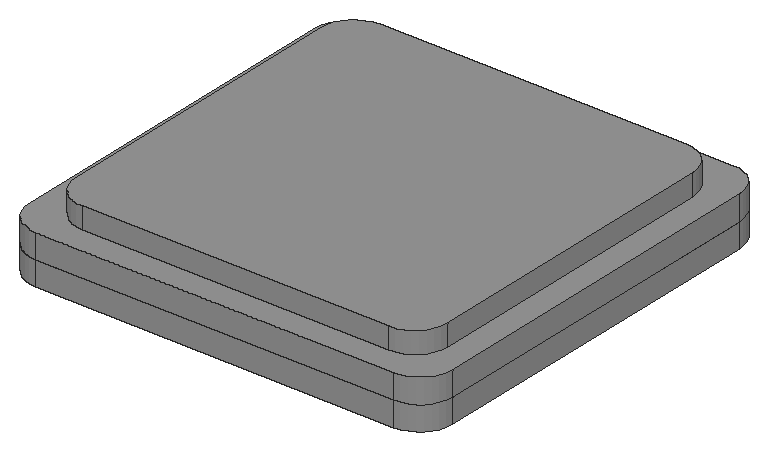
Revit family "FMS2_63_UN_Surface-mounted_ETK", category Lighting Fixtures, Revit 2019 (continued)
Definition of nested family "FMS.2 - Lightsource"
  Types (14, lengths in mm): name | Wattage Comments | Wattage | built-in parameter 1150134 | Photometric Web File | built-in parameter 1150142 | built-in parameter 1150105 | Lumens | built-in parameter 1150107 | built-in parameter 1150106 | Apparent Load
      7114\t467.3304\t465.9494\t464.7065\t463.3255\t461.3921\r\n458.9063\t456.4205\t453.9347\t451.4489\t449.1012\t446.4773\t443.9915\t441.5057\t439.0199\t436.5341\r\n434.0483\t431.4244\t428.9386\t426.3147\t423.8289\t421.205\t418.5811\t415.9572\t413.4714\t410.8475\r\n408.2236\t405.7378\t403.1139\t400.49\t398.0042\t395.2422\t392.6183\t389.9944\t387.3705\t384.7466\r\n382.2608\t379.6369\t377.013\t374.3891\t371.7652\t368.3127\t364.8602\t361.4077\t357.9552\t354.5027\r\n351.0502\t347.5977\t344.1452\t340.6927\t337.2402\t333.7877\t330.3352\t326.8827\t323.5683\t320.1158\r\n316.8014\t313.3489\t310.0345\t306.582\t303.2676\t299.8151\t296.5007\t293.0482\t289.7338\t286.4194\r\n282.9669\t279.6525\t276.3381\t273.0237\t269.7093\t266.3949\t262.5281\t258.7994\t254.9326\t251.2039\r\n247.4752\t243.7465\t240.0178\t236.2891\t232.5604\t228.9698\t225.2411\t221.5124\t217.7837\t214.055\r\n210.3263\t206.5976\t203.007\t199.4164\t195.8258\t192.2352\t188.6446\t185.054\t181.6015\t178.0109\r\n174.4203\t170.9678\t167.5153\t163.7866\t160.0579\t156.3292\t152.6005\t149.0099\t145.2812\t141.6906\r\n138.031\t134.4265\t130.8221\t127.2453\t123.6824\t120.1194\t116.584\t113.0487\t109.5133\t105.9917\r\n102.484\t98.9763\t95.4823\t91.9884\t88.4945\t85.0282\t81.5481\t76.7698\t66.6747\t56.5796\r\n46.4983\t36.417\t26.3357\t16.2544\t6.1896\t0\t0\t0\t0\t0\r\n0\t0\t0\t0\t0\t0\t0\t0\t0\t0\r\n0\r\n502.9602\t502.1316\t501.1649\t500.3363\t499.6458\t498.9553\t498.1267\t497.2981\t496.4695\t495.6409\r\n494.8123\t493.9837\t493.017\t492.0503\t491.2217\t490.1169\t489.1502\t488.0454\t486.9406\t485.8358\r\n484.8691\t483.6262\t482.3833\t481.1404\t480.0356\t478.7927\t477.5498\t476.3069\t475.064\t473.683\r\n472.302\t471.0591\t469.6781\t468.2971\t466.778\t465.397\t463.8779\t462.3588\t460.8397\t459.3206\r\n457.8015\t456.1443\t454.0728\t451.587\t449.1012\t446.4773\t443.9915\t441.3676\t438.7437\t436.1198\r\n433.4959\t430.7339\t428.11\t425.4861\t422.8622\t420.1002\t417.4763\t414.8524\t412.2285\t409.3284\r\n406.5664\t403.8044\t401.1805\t398.4185\t395.7946\t393.0326\t390.2706\t387.5086\t384.7466\t381.9846\r\n379.3607\t376.5987\t373.8367\t371.0747\t368.3127\t365.5507\t362.7887\t360.0267\t357.2647\t354.0884\r\n350.4978\t346.9072\t343.4547\t339.8641\t336.4116\t332.821\t329.3685\t325.7779\t322.3254\t318.7348\r\n315.2823\t311.6917\t308.2392\t304.6486\t301.1961\t297.7436\t294.153\t290.7005\t287.248\t283.9336\r\n280.4811\t277.0286\t273.5761\t270.1236\t266.6711\t263.2186\t259.9042\t256.4517\t253.1373\t249.8229\r\n246.2323\t242.3655\t238.4987\t234.6319\t230.9032\t227.0364\t223.3077\t219.579\t215.8503\t212.1216\r\n208.3929\t204.8023\t201.0736\t197.3449\t193.6162\t190.0256\t186.435\t182.7063\t179.1157\t175.5251\r\n171.9345\t168.3439\t164.8914\t161.3008\t157.7102\t154.2577\t150.6671\t147.0765\t143.4859\t139.8953\r\n136.2495\t132.6865\t129.1373\t125.5743\t122.0252\t118.5036\t114.9959\t111.5019\t108.0218\t104.5555\r\n101.103\t97.6505\t94.2256\t90.8007\t87.3897\t83.9924\t80.609\t77.2393\t73.8835\t67.5033\r\n57.5325\t47.5755\t37.6184\t27.6752\t17.732\t7.8027\t0\t0\t0\t0\r\n0\t0\t0\t0\t0\t0\t0\t0\t0\t0\r\n0\r\n502.9602\t502.1316\t501.1649\t500.3363\t499.6458\t498.9553\t498.2648\t497.2981\t496.4695\t495.779\r\n494.9504\t493.9837\t493.017\t492.0503\t491.0836\t489.9788\t488.874\t487.7692\t486.6644\t485.5596\r\n484.3167\t483.0738\t481.8309\t480.588\t479.3451\t478.1022\t476.7212\t475.3402\t473.9592\t472.5782\r\n471.0591\t469.6781\t468.159\t466.6399\t464.9827\t463.4636\t461.8064\t460.2873\t458.6301\t456.9729\r\n455.3157\t453.6585\t452.0013\t450.206\t448.4107\t446.6154\t444.1296\t441.5057\t438.7437\t435.9817\r\n433.3578\t430.5958\t427.9719\t425.2099\t422.3098\t419.4097\t416.5096\t413.8857\t411.1237\t408.3617\r\n405.4616\t402.5615\t399.7995\t396.8994\t393.9993\t391.2373\t388.3372\t385.5752\t382.6751\t379.6369\r\n376.7368\t373.8367\t370.9366\t368.0365\t365.1364\t362.3744\t359.4743\t356.5742\t353.6741\t350.774\r\n347.8739\t344.9738\t342.0737\t339.1736\t336.1354\t332.5448\t328.8161\t325.0874\t321.4968\t317.9062\r\n314.3156\t310.725\t306.9963\t303.4057\t299.677\t296.0864\t292.4958\t288.9052\t285.3146\t281.724\r\n278.1334\t274.5428\t270.9522\t267.4997\t263.9091\t260.4566\t257.0041\t253.5516\t250.0991\t246.5085\r\n243.056\t239.6035\t236.151\t232.6985\t229.246\t225.6554\t221.7886\t217.9218\t214.055\t210.3263\r\n206.4595\t202.7308\t199.0021\t195.2734\t191.5447\t187.816\t184.0873\t180.4967\t176.768\t173.0393\r\n169.4487\t165.8581\t162.2675\t158.6769\t155.2244\t151.6338\t148.0432\t144.5907\t141.1382\t137.6305\r\n134.0813\t130.5183\t126.9691\t123.4476\t119.9398\t116.4597\t113.0072\t109.5547\t106.1437\t102.7326\r\n99.3491\t95.9795\t92.6237\t89.2955\t85.9811\t82.6805\t79.3937\t76.1345\t72.8754\t69.6438\r\n66.4261\t59.5902\t49.7436\t39.9109\t30.092\t20.2731\t10.4638\t0.6596\t0\t0\r\n0\t0\t0\t0\t0\t0\t0\t0\t0\t0\r\n0\r\n502.9602\t502.1316\t501.1649\t500.4744\t499.7839\t499.0934\t498.2648\t497.4362\t496.6076\t495.779\r\n494.9504\t493.9837\t493.017\t492.0503\t490.9455\t489.9788\t488.874\t487.7692\t486.5263\t485.1453\r\n483.9024\t482.7976\t481.5547\t480.1737\t478.9308\t477.4117\t476.0307\t474.5116\t473.1306\t471.6115\r\n470.0924\t468.4352\t466.778\t465.2589\t463.6017\t461.9445\t460.1492\t458.492\t456.6967\t455.0395\r\n453.1061\t451.3108\t449.5155\t447.5821\t445.6487\t443.7153\t441.7819\t439.8485\t437.777\t435.8436\r\n433.7721\t430.872\t427.9719\t425.0718\t422.3098\t419.5478\t416.6477\t413.7476\t410.7094\t407.8093\r\n404.7711\t402.0091\t399.109\t396.0708\t393.0326\t389.9944\t386.9562\t383.918\t381.0179\t377.9797\r\n374.9415\t371.9033\t368.8651\t365.8269\t362.7887\t359.7505\t356.7123\t353.6741\t350.6359\t347.4596\r\n344.4214\t341.3832\t338.345\t335.3068\t332.2686\t329.0923\t326.0541\t323.0159\t319.8396\t316.8014\r\n313.7632\t310.3107\t306.582\t302.7152\t298.9865\t295.2578\t291.391\t287.6623\t284.0717\t280.343\r\n276.7524\t273.0237\t269.4331\t265.7044\t261.9757\t258.247\t254.5183\t250.9277\t247.3371\t243.7465\r\n240.1559\t236.5653\t232.9747\t229.5222\t225.9316\t222.341\t218.7504\t215.2979\t211.8454\t208.3929\r\n204.9404\t201.2117\t197.2068\t193.34\t189.6113\t185.7445\t182.0158\t178.149\t174.4203\t170.6916\r\n166.9629\t163.3723\t159.7817\t156.053\t152.6005\t148.8718\t145.2812\t141.6906\t138.2381\t134.7165\r\n131.2917\t127.8944\t124.511\t121.1689\t117.7302\t114.2777\t110.8391\t107.4418\t104.0583\t100.6887\r\n97.3329\t94.0047\t90.7179\t87.4587\t84.2134\t81.0095\t77.8332\t74.6845\t71.5358\t68.4147\r\n65.3213\t62.2279\t59.162\t52.9337\t43.1977\t33.4754\t23.767\t14.0586\t4.3626\t0\r\n0\t0\t0\t0\t0\t0\t0\t0\t0\t0\r\n0\r\n502.9602\t502.1316\t501.1649\t500.4744\t499.922\t499.2315\t498.4029\t497.5743\t496.7457\t496.0552\r\n495.0885\t494.1218\t493.1551\t492.0503\t491.0836\t489.9788\t488.874\t487.6311\t486.2501\t485.0072\r\n483.9024\t482.6595\t481.2785\t479.8975\t478.5165\t476.9974\t475.4783\t473.9592\t472.4401\t470.7829\r\n469.1257\t467.4685\t465.8113\t464.1541\t462.3588\t460.7016\t458.9063\t456.9729\t455.1776\t453.2442\r\n451.3108\t449.2393\t447.3059\t445.2344\t443.301\t441.2295\t439.158\t437.0865\t434.8769\t432.5292\r\n430.4577\t428.2481\t426.0385\t423.8289\t421.6193\t419.1335\t416.7858\t414.1619\t411.2618\t408.2236\r\n405.1854\t402.0091\t398.9709\t395.7946\t392.7564\t389.7182\t386.5419\t383.3656\t380.1893\t377.1511\r\n373.9748\t370.7985\t367.6222\t364.3078\t361.1315\t357.9552\t354.7789\t351.6026\t348.4263\t345.1119\r\n341.9356\t338.6212\t335.4449\t332.1305\t328.8161\t325.6398\t322.4635\t319.1491\t315.9728\t312.6584\r\n309.4821\t306.1677\t302.9914\t299.9532\t296.7769\t293.6006\t290.4243\t286.9718\t283.6574\t279.9287\r\n276.2\t272.4713\t268.6045\t264.7377\t260.8709\t257.0041\t253.1373\t249.4086\t245.5418\t241.8131\r\n238.0844\t234.3557\t230.4889\t226.7602\t223.1696\t219.4409\t215.7122\t211.9835\t208.3929\t204.8023\r\n201.2117\t197.6211\t194.0305\t190.4399\t186.8493\t183.2587\t179.8062\t176.3537\t172.4869\t168.6201\r\n164.7533\t161.0246\t157.2959\t153.5672\t149.8385\t146.2479\t142.5192\t138.9286\t135.4485\t131.8717\r\n128.3363\t124.8286\t121.3485\t117.9374\t114.554\t111.1981\t107.8561\t104.5693\t101.2963\t98.0234\r\n94.7642\t91.5327\t88.3288\t85.1525\t82.0176\t78.8965\t75.8307\t72.7787\t69.7681\t66.7713\r\n63.8022\t60.8469\t57.9191\t55.019\t52.1328\t47.4926\t37.8394\t28.1862\t18.5468\t8.9005\r\n0\t0\t0\t0\t0\t0\t0\t0\t0\t0\r\n0\r\n502.9602\t502.1316\t501.303\t500.6125\t500.0601\t499.3696\t498.541\t497.7124\t497.0219\t496.1933\r\n495.2266\t494.2599\t493.2932\t492.3265\t491.2217\t490.1169\t488.874\t487.6311\t486.3882\t485.1453\r\n483.9024\t482.5214\t481.2785\t479.7594\t478.2403\t476.7212\t475.2021\t473.683\t472.0258\t470.3686\r\n468.7114\t466.9161\t465.2589\t463.4636\t461.6683\t459.7349\t457.8015\t455.8681\t453.9347\t451.8632\r\n449.9298\t447.7202\t445.6487\t443.5772\t441.5057\t439.2961\t437.0865\t434.7388\t432.5292\t430.3196\r\n427.9719\t425.6242\t423.1384\t420.7907\t418.443\t416.0953\t413.6095\t411.1237\t408.6379\t406.014\r\n403.3901\t400.9043\t398.2804\t395.6565\t393.0326\t390.2706\t387.0943\t383.918\t380.6036\t377.1511\r\n373.8367\t370.6604\t367.346\t364.0316\t360.7172\t357.2647\t353.9503\t350.6359\t347.1834\t343.869\r\n340.4165\t336.964\t333.6496\t330.1971\t326.8827\t323.4302\t320.1158\t316.6633\t313.3489\t309.8964\r\n306.582\t303.1295\t299.5389\t296.0864\t292.772\t289.3195\t286.0051\t282.6907\t279.2382\t275.7857\r\n272.3332\t269.0188\t265.5663\t262.2519\t258.7994\t255.485\t252.1706\t248.8562\t245.2656\t241.2607\r\n237.1177\t233.2509\t229.3841\t225.5173\t221.6505\t217.6456\t213.7788\t209.912\t206.1833\t202.3165\r\n198.5878\t194.721\t190.9923\t187.2636\t183.5349\t179.8062\t176.0775\t172.4869\t168.7582\t165.1676\r\n161.577\t158.1245\t154.672\t151.0814\t147.6289\t143.9002\t140.0334\t136.4014\t132.7417\t129.1097\r\n125.4915\t121.9285\t118.4069\t114.8854\t111.3915\t107.9252\t104.5003\t101.0892\t97.7334\t94.3913\r\n91.1184\t87.9421\t84.821\t81.7276\t78.7032\t75.7064\t72.7511\t69.8372\t66.9647\t64.1198\r\n61.3302\t58.5682\t55.8476\t53.1547\t50.4894\t47.8516\t45.2416\t42.6453\t33.5169\t23.8637\r\n14.2243\t4.5877\t0\t0\t0\t0\t0\t0\t0\t0\r\n0\r\n502.9602\t502.1316\t501.303\t500.7506\t500.1982\t499.5077\t498.6791\t497.9886\t497.16\t496.4695\r\n495.5028\t494.5361\t493.5694\t492.6027\t491.4979\t490.3931\t489.0121\t487.7692\t486.6644\t485.4215\r\n484.1786\t482.7976\t481.2785\t479.7594\t478.3784\t476.8593\t475.2021\t473.5449\t471.8877\t470.2305\r\n468.4352\t466.778\t464.9827\t463.0493\t461.1159\t459.1825\t457.2491\t455.1776\t453.1061\t451.0346\r\n448.9631\t446.8916\t444.682\t442.4724\t440.2628\t437.9151\t435.5674\t433.3578\t430.872\t428.5243\r\n426.0385\t423.5527\t421.0669\t418.7192\t416.2334\t413.6095\t410.9856\t408.3617\t405.7378\t403.1139\r\n400.3519\t397.5899\t394.8279\t392.204\t389.5801\t386.68\t383.7799\t380.8798\t378.1178\t375.2177\r\n372.3176\t369.4175\t366.3793\t363.3411\t360.441\t357.5409\t354.5027\t350.9121\t347.4596\t344.0071\r\n340.4165\t337.1021\t333.5115\t329.9209\t326.3303\t322.8778\t319.4253\t315.8347\t312.106\t308.3773\r\n304.9248\t301.3342\t297.8817\t294.4292\t290.7005\t286.9718\t283.3812\t279.9287\t276.3381\t272.7475\r\n269.0188\t265.5663\t261.9757\t258.3851\t254.7945\t251.2039\t247.6133\t244.1608\t240.4321\t236.8415\r\n233.389\t229.7984\t226.3459\t222.7553\t219.3028\t215.7122\t212.2597\t208.6691\t205.2166\t201.4879\r\n197.483\t193.6162\t189.4732\t185.4683\t181.6015\t177.7347\t173.8679\t170.0011\t166.1343\t162.4056\r\n158.5388\t154.672\t150.9433\t147.2146\t143.624\t139.8953\t136.2909\t132.7003\t129.1649\t125.6572\r\n122.2047\t118.8489\t115.5345\t112.0267\t108.3947\t104.8179\t101.2963\t97.8991\t94.5433\t91.2427\r\n87.9973\t84.7934\t81.6585\t78.5651\t75.5407\t72.5577\t69.6162\t66.7299\t63.9127\t61.1507\r\n58.4301\t55.7648\t53.1271\t50.5308\t47.9898\t45.4901\t43.032\t40.6152\t38.2399\t35.8922\r\n30.0782\t20.3697\t10.6572\t0.9483\t0\t0\t0\t0\t0\t0\r\n0\r\n502.9602\t502.1316\t501.303\t500.8887\t500.3363\t499.6458\t498.9553\t498.2648\t497.5743\t496.7457\r\n495.779\t494.8123\t493.9837\t492.8789\t491.9122\t490.6693\t489.4264\t488.1835\t487.0787\t485.8358\r\n484.4548\t483.0738\t481.6928\t480.1737\t478.6546\t477.1355\t475.4783\t473.8211\t472.1639\t470.5067\r\n468.7114\t466.9161\t464.9827\t463.1874\t461.1159\t459.1825\t457.111\t455.0395\t452.968\t450.8965\r\n448.6869\t446.4773\t444.2677\t442.0581\t439.7104\t437.3627\t435.015\t432.5292\t430.0434\t427.5576\r\n425.0718\t422.586\t419.9621\t417.4763\t414.8524\t412.2285\t409.4665\t406.7045\t403.9425\t401.1805\r\n398.4185\t395.6565\t392.8945\t389.9944\t386.9562\t384.0561\t381.156\t378.2559\t375.2177\t372.3176\r\n369.1413\t366.1031\t363.0649\t360.0267\t356.8504\t353.6741\t350.4978\t347.3215\t344.1452\t341.107\r\n337.7926\t334.6163\t331.3019\t328.2637\t324.9493\t321.3587\t318.0443\t314.7299\t311.4155\t308.2392\r\n305.0629\t301.4723\t298.0198\t294.2911\t290.7005\t286.9718\t283.105\t279.3763\t275.6476\t271.9189\r\n268.1902\t264.4615\t260.7328\t256.866\t253.1373\t249.2705\t245.5418\t241.675\t237.9463\t234.0795\r\n230.3508\t226.7602\t222.8934\t219.1647\t215.2979\t211.5692\t207.8405\t204.1118\t200.3831\t196.6544\r\n192.9257\t189.3351\t185.7445\t182.0158\t178.2871\t174.4203\t170.8297\t167.3772\t163.7866\t160.0579\r\n156.6054\t153.0148\t149.4242\t145.4193\t141.5525\t137.6305\t133.667\t129.745\t126.0853\t122.4395\r\n118.8074\t115.1892\t111.5986\t108.008\t104.4727\t101.0063\t97.6229\t94.2671\t91.0079\t87.8454\r\n84.7382\t81.6447\t78.3441\t75.1402\t72.033\t69.0224\t66.067\t63.2222\t60.4326\t57.6844\r\n55.0052\t52.4366\t49.9508\t47.534\t45.1173\t42.7281\t40.3942\t38.1294\t35.9198\t33.7793\r\n31.6939\t29.6501\t27.6476\t18.0497\t7.8841\t0\t0\t0\t0\t0\r\n0\r\n502.9602\t502.2697\t501.4411\t501.0268\t500.4744\t499.7839\t499.0934\t498.541\t497.8505\t497.0219\r\n496.1933\t495.2266\t494.398\t493.2932\t492.3265\t491.0836\t489.8407\t488.7359\t487.6311\t486.3882\r\n485.1453\t483.6262\t482.2452\t480.7261\t479.207\t477.6879\t476.0307\t474.3735\t472.7163\t471.0591\r\n469.2638\t467.4685\t465.5351\t463.6017\t461.6683\t459.5968\t457.5253\t455.4538\t453.3823\t451.1727\r\n449.1012\t446.8916\t444.5439\t442.3343\t439.9866\t437.5008\t435.015\t432.5292\t430.0434\t427.5576\r\n424.9337\t422.4479\t419.824\t417.3382\t414.5762\t411.8142\t409.0522\t406.1521\t403.3901\t400.6281\r\n397.8661\t395.1041\t391.9278\t388.8896\t385.9895\t382.9513\t380.0512\t377.013\t373.9748\t370.7985\r\n367.6222\t364.584\t361.4077\t358.2314\t355.0551\t351.7407\t348.4263\t345.25\t341.9356\t338.7593\r\n335.4449\t332.1305\t328.678\t325.2255\t321.773\t318.3205\t315.0061\t311.6917\t308.2392\t304.6486\r\n301.1961\t297.7436\t294.2911\t290.7005\t287.1099\t283.6574\t280.0668\t276.6143\t273.1618\t269.4331\r\n265.8425\t262.2519\t258.6613\t255.0707\t251.342\t247.7514\t244.0227\t240.4321\t236.9796\t233.2509\r\n229.5222\t225.7935\t222.2029\t218.4742\t214.8836\t210.8787\t207.0119\t203.007\t199.1402\t195.2734\r\n191.2685\t187.2636\t183.2587\t179.3919\t175.387\t171.3821\t167.5153\t163.7866\t159.9198\t156.053\r\n152.1862\t148.3194\t144.4526\t140.862\t137.1195\t133.4322\t129.7726\t126.0715\t122.3428\t118.7246\r\n115.1892\t111.6953\t108.2428\t104.8041\t101.3792\t97.9958\t94.6261\t91.0908\t87.4173\t83.8267\r\n80.3466\t77.0736\t73.8559\t70.721\t67.669\t64.686\t61.7721\t58.9135\t56.1929\t53.5966\r\n51.097\t48.4869\t45.8768\t43.3772\t40.9743\t38.668\t36.4722\t34.3869\t32.4259\t30.5201\r\n28.6419\t26.8605\t25.1894\t23.5875\t22.0546\t17.2901\t5.7298\t0\t0\t0\r\n0\r\n502.9602\t502.2697\t501.5792\t501.1649\t500.7506\t500.0601\t499.3696\t498.8172\t498.2648\t497.4362\r\n496.6076\t495.779\t494.9504\t493.9837\t492.8789\t491.7741\t490.5312\t489.4264\t488.3216\t487.0787\r\n485.8358\t484.4548\t482.9357\t481.5547\t480.1737\t478.5165\t476.9974\t475.3402\t473.683\t472.0258\r\n470.3686\t468.4352\t466.5018\t464.5684\t462.635\t460.5635\t458.6301\t456.5586\t454.349\t452.2775\r\n450.0679\t447.8583\t445.6487\t443.301\t440.9533\t438.4675\t435.8436\t433.4959\t431.1482\t428.5243\r\n425.9004\t423.2765\t420.7907\t418.1668\t415.4048\t412.6428\t409.7427\t406.9807\t404.0806\t401.3186\r\n398.6947\t395.6565\t392.4802\t389.442\t386.5419\t383.5037\t380.6036\t377.4273\t374.251\t371.2128\r\n368.0365\t364.9983\t361.822\t358.5076\t355.1932\t351.8788\t348.5644\t345.25\t342.0737\t338.6212\r\n335.3068\t331.7162\t328.2637\t324.8112\t321.4968\t318.0443\t314.5918\t311.1393\t307.4106\t303.9581\r\n300.5056\t296.915\t293.1863\t289.5957\t286.0051\t282.4145\t278.8239\t275.2333\t271.5046\t267.7759\r\n264.0472\t260.3185\t256.7279\t252.8611\t249.1324\t245.4037\t241.8131\t238.0844\t234.3557\t230.4889\r\n226.6221\t222.7553\t219.0266\t215.2979\t211.5692\t207.7024\t203.8356\t199.9688\t196.102\t192.2352\r\n188.3684\t184.5016\t180.4967\t176.6299\t172.9012\t169.1725\t165.3057\t161.4389\t157.5721\t153.5672\r\n149.8385\t146.1098\t142.243\t138.5143\t134.758\t130.9878\t127.1349\t123.2819\t119.6222\t116.004\r\n112.2891\t108.5742\t104.9974\t101.4759\t97.9405\t94.2394\t90.5936\t87.0168\t83.4676\t79.9461\r\n76.5212\t73.193\t69.9062\t66.6747\t63.4846\t60.4464\t57.4358\t54.4943\t51.608\t48.8598\r\n46.1806\t43.5982\t41.0986\t38.6404\t36.0717\t33.5997\t31.3211\t29.1529\t27.109\t25.2309\r\n23.4632\t21.9855\t20.6874\t19.555\t18.6021\t17.6768\t16.9034\t16.282\t4.2549\t0\r\n0" | 89.127 (stored number, unit not read) | 1120 lm | 4000 (stored number, unit not read) | 0.89127 (stored number, unit not read) | 18 VA
